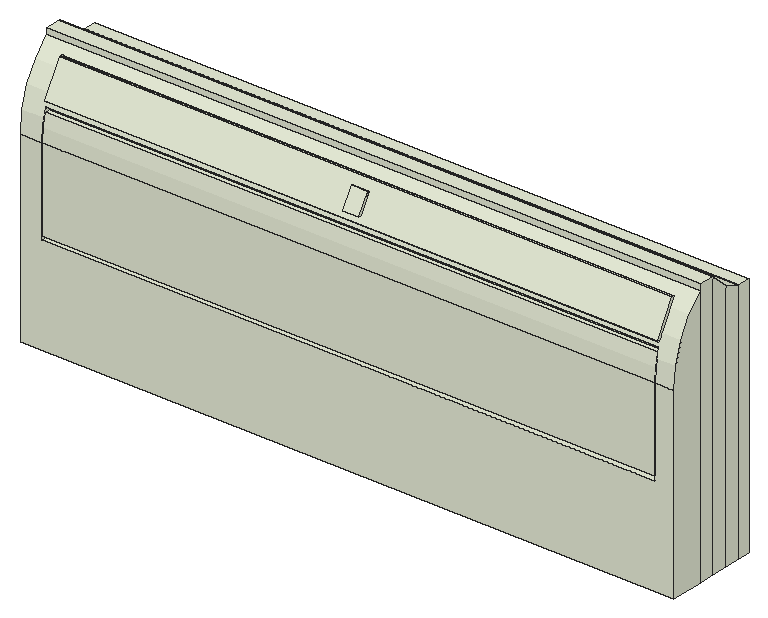
Revit family "10.0kW-14.0kW", category Mechanical Equipment, Revit 2013
Parameters (values of type "14.0kW")
  drain pipe radius = 0.5 * drain pipe  # 12.500 mm
  drain pipe = 25.000 mm
  Width = 1649.000 mm
  URL = ""
  Series = "VRF"
  Power supply = "1-phase, 220-240V, 50Hz"
  Panel color = "S1004"
  Net Weight = 36.40 kg
  Machine material = Galvanized Steel
  MFA (Maximum Fuse Amps) = 15 A
  MCA (Minimum Circuit Amps) = 1.25 A
  Liquid pipe radius = 0.5 * Liquid pipe  # 4.760 mm
  Liquid pipe = 9.520 mm
  Installation = "Indoor installation"
  Height = 234.000 mm
  Heating Power Input = 140 W
  Heating Capacity = 16 kW
  Gas pipe radius = 0.5 * Gas pipe  # 7.950 mm
  Gas pipe = 15.900 mm
  Gas = "R32/R410A"
  Description = "High efficiency air cooled"
  Depth = 674.000 mm
  Cooling Power Input = 140 W
  Cooling Capacity = 14 kW
  Condensation = "Air"
  Air  Flow = "2206/2070/1937/1810/1677/1516/1402 m3/h"
Types (5, lengths in mm): name | MCA (Minimum Circuit Amps) | Heating Power Input | Heating Capacity | Cooling Power Input | Cooling Capacity | Air  Flow
  (no name) | 1.25 A | 140 W | 16 kW | 140 W | 14 kW | "2206/2070/1937/1810/1677/1516/1402 m3/h"
  10.0kW | 0.63 A | 50 W | 11.2 kW | 50 W | 10 kW | "1497/1469/1296/1200/1104/1015/918 m3/h"
  11.2kW | 0.75 A | 65 W | 12.5 kW | 65 W | 11.2 kW | "1648/1530/1469/1292/1178/1067/956 m3/h"
  12.5kW | 1 A | 95 W | 14 kW | 95 W | 12.5 kW | "2012/1879/1772/1649/1531/1469/1285 m3/h"
  14.0kW | 1.25 A | 140 W | 16 kW | 140 W | 14 kW | "2206/2070/1937/1810/1677/1516/1402 m3/h"
Reference planes
  plane 1 "中心(前/后)": y = 0
  plane 2: z = 0
  plane 3 "中心(左/右)": x = 0
  plane 4: z = 575.645
  plane 5: z = 280
  plane 6: x = -1154
  plane 7: y = 31
  plane 8: x = 495
  plane 9: x = -329.5
Forms (mm)
  Extrusion 1, solid, material "Galvanized Steel" <- "Machine material", detail levels medium+fine
    sketch origin (0, 0, 0) x (0, 1, 0) y (0, 0, 1)
      loop
        line (-80, 704) -> (-120, 704) -> (-120, 30) -> (-80, 30) -> (-80, 704)
    from 495 to -1154
  Extrusion 2, solid, material "Galvanized Steel" <- "Machine material", detail levels medium+fine
    sketch origin (0, 0, 0) x (0, 1, 0) y (0, 0, 1)
      loop
        line (-80, 704) -> (-80, 30) -> (-40, 30) -> (-40, 664) -> (-80, 704)
    from 495 to -1154
  Extrusion 3, solid, material "Galvanized Steel" <- "Machine material", detail levels medium+fine
    sketch origin (0, 0, 0) x (0, 1, 0) y (0, 0, 1)
      loop
        line (0, 626.906) -> (0, 649.441) -> (-40, 664) -> (-40, 30) -> (0, 30) -> (0, 626.906)
    from 495 to -1154
  Extrusion 4, solid, material "Galvanized Steel" <- "Machine material", detail levels medium+fine
    sketch origin (0, 0, 0) x (0, 1, 0) y (0, 0, 1)
      loop
        line (-120, 30) -> (-120, 690)
        arc (-120, 690) -> (-181.345, 603.669) -> (-203, 500) r 258.97
        line (-203, 500) -> (-203, 30) -> (-120, 30)
    from 495 to -1154
  Extrusion 5, void
    sketch origin (0, 0, 0) x (0, 1, 0) y (0, 0, 1)
      loop
        line (-188.653, 585) -> (-178.041, 585)
        arc (-178.041, 585) -> (-156.282, 630.135) -> (-125.926, 670) r 248.97
        line (-125.926, 670) -> (-139.39, 670)
        arc (-139.39, 670) -> (-168.089, 629.857) -> (-188.653, 585) r 258.97
    from 446.258 to -1099.5
  Extrusion 6, void
    sketch origin (0, 0, 0) x (1, 0, 0) y (0, 1, 0)
      loop
        line (-1119.5, -30) -> (-1119.5, -130) -> (-1019.5, -130) -> (-1019.5, -30) -> (-1119.5, -30)
    from 45 to 30
  Extrusion 7, void
    sketch origin (0, 0, 0) x (0, 1, 0) y (0, 0, 1)
      loop
        line (-15, 45) -> (-15, 415.429) -> (-188, 415.429) -> (-188, 45) -> (-15, 45)
    from 477.847 to -480
  Extrusion 8, solid, detail levels medium+fine
    sketch origin (0, 0, 0) x (1, 0, 0) y (0, 1, 0)
      loop
        circle (-1114, -63.5) r 4.765
    from 415.429 to 128
  Extrusion 9, solid, detail levels medium+fine
    sketch origin (0, 0, 0) x (1, 0, 0) y (0, 1, 0)
      loop
        circle (-1099.5, -96.5) r 7.95
    from 415.429 to 163.5
  Extrusion 10, void
    sketch origin (0, 0, 55) x (1, 0, 0) y (0, 0, 1)
      loop
        line (-1019.5, 115) -> (-1119.5, 115) -> (-1119.5, 15) -> (-1019.5, 15) -> (-1019.5, 115)
    from 15 to 0
  Extrusion 11, solid, detail levels medium+fine
    sketch origin (0, 0, 0) x (1, 0, 0) y (0, 1, 0)
      loop
        circle (-1052.436, -63.5) r 12.5
    from 415.429 to 163.5
  Extrusion 12, void
    sketch origin (0, 0, 0) x (0, 1, 0) y (0, 0, 1)
      loop
        arc (-191.706, 575.645) -> (-200.161, 538.242) -> (-203, 500) r 258.97
        line (-203, 500) -> (-203, 280) -> (-188, 280) -> (-188, 415.429) -> (-179.603, 575.645) -> (-191.706, 575.645)
    from 446.258 to -1099.5
  Extrusion 13, solid, material "Galvanized Steel" <- "Machine material", detail levels medium+fine
    sketch origin (0, 0, 0) x (0, 1, 0) y (0, 0, 1)
      loop
        line (-188, 415.429) -> (-180.127, 565.659) -> (-194.538, 565.659)
        arc (-194.538, 565.659) -> (-200.876, 533.101) -> (-203, 500) r 258.97
        line (-203, 500) -> (-203, 290) -> (-188, 290) -> (-188, 415.429)
    from 446.258 to -1099.5
  Extrusion 14, solid, material "Galvanized Steel" <- "Machine material", detail levels fine
    sketch origin (-635.188, 0, 0) x (0, 1, 0) y (0, 0, 1)
      loop
        line (-163.805, 650) -> (-190.459, 604.011) -> (-172.329, 604.011) -> (-145.675, 650) -> (-163.805, 650)
    from 325.688 to 285.688
  Extrusion 15, solid, material "Galvanized Steel" <- "Machine material", detail levels fine
    sketch origin (-26.887, 0, 0) x (0, 1, 0) y (0, 0, -1)
      loop
        line (-148.104, -670) -> (-142.262, -670) -> (-188.048, -591) -> (-193.89, -591) -> (-148.104, -670)
    from 1072.613 to -473.145
  Extrusion 16, solid, material "Galvanized Steel" <- "Machine material", detail levels medium+fine
    sketch origin (0, 111, 0) x (0, 1, 0) y (0, 0, 1)
      loop
        line (-80, 650) -> (-111, 650) -> (-111, 30) -> (-80, 30) -> (-80, 650)
    from 495 to -1154
Cuts and joins
  Extrusion 5, Extrusion 6, Extrusion 7, Extrusion 10, Extrusion 12 cuts Extrusion 4
  Extrusion 6, Extrusion 7 cuts Extrusion 1
  Extrusion 6, Extrusion 7 cuts Extrusion 2
  Extrusion 6, Extrusion 7, Extrusion 10 cuts Extrusion 3
  Extrusion 10 cuts Extrusion 8
Lines and regions (mm)
  model lines
    curve 1: line (-1154, -120, 690) -> (495, -120, 690)
    curve 2: line (-1154, -80, 690) -> (495, -80, 690)
    curve 3: line (-1154, -40, 650) -> (495, -40, 650)
    curve 4: line (-1154, -203, 30) -> (-1154, 0, 30)
    curve 5: line (-1154, -203, 30) -> (495, -203, 30)
    curve 6: line (495, 0, 30) -> (-1154, 0, 30)
    curve 7: line (-1154, -203, 30) -> (-1154, 0, 30)
    curve 29: line (495, -203, 30) -> (495, -203, 500)
    curve 30: arc (495, -203, 500) -> (495, -176.816, 613.473) -> (495, -103.559, 704) r 258.97
    curve 31: line (495, 31, 638.158) -> (495, 31, 30)
    curve 32: line (495, 0, 649.441) -> (495, -40, 664)
    curve 33: line (495, -40, 664) -> (495, -80, 704)
    curve 35: line (495, -203, 30) -> (495, 31, 30)
    curve 36: line (495, 0, 626.906) -> (-1154, 0, 626.906)
    curve 37: line (-1154, -80, 704) -> (-1154, -120, 704)
    curve 38: arc (-1154, -120, 704) -> (-1154, -181.345, 617.669) -> (-1154, -203, 514) r 258.97
    curve 39: line (-1154, -203, 514) -> (-1154, -203, 30)
    curve 40: line (-1154, -203, 30) -> (-1154, -120, 30)
    curve 41: line (-1154, -120, 30) -> (-1154, -80, 30)
    curve 42: line (-1154, -80, 30) -> (-1154, -40, 30)
    curve 43: line (-1154, -40, 30) -> (-1154, 0, 30)
    curve 44: line (-1154, 0, 30) -> (-1154, 31, 30)
    curve 45: line (-1154, 31, 30) -> (-1154, 31, 649.441)
    curve 46: line (-1154, 31, 649.441) -> (-1154, 0, 649.441)
    curve 47: line (-1154, 0, 649.441) -> (-1154, -40, 664)
    curve 48: line (-1154, -40, 664) -> (-1154, -80, 704)
  model lines, detail levels fine
    curve 8: line (-1154, -203, 270) -> (495, -203, 270)
    curve 9: line (495, -203, 70) -> (-1154, -203, 70)
    curve 10: line (-1154, -203, 260) -> (495, -203, 260)
    curve 11: line (-1154, -203, 250) -> (495, -203, 250)
    curve 12: line (-1154, -203, 240) -> (495, -203, 240)
    curve 13: line (-1154, -203, 230) -> (495, -203, 230)
    curve 14: line (-1154, -203, 220) -> (495, -203, 220)
    curve 15: line (-1154, -203, 210) -> (495, -203, 210)
    curve 16: line (-1154, -203, 201.34) -> (495, -203, 201.34)
    curve 17: line (-1154, -203, 191.34) -> (495, -203, 191.34)
    curve 18: line (-1154, -203, 181.34) -> (495, -203, 181.34)
    curve 19: line (-1154, -203, 171.34) -> (495, -203, 171.34)
    curve 20: line (-1154, -203, 161.34) -> (495, -203, 161.34)
    curve 21: line (-1154, -203, 151.34) -> (495, -203, 151.34)
    curve 22: line (-1154, -203, 141.34) -> (495, -203, 141.34)
    curve 23: line (-1154, -203, 131.34) -> (495, -203, 131.34)
    curve 24: line (-1154, -203, 121.34) -> (495, -203, 121.34)
    curve 25: line (-1154, -203, 111.34) -> (495, -203, 111.34)
    curve 26: line (-1154, -203, 101.34) -> (495, -203, 101.34)
    curve 27: line (-1154, -203, 91.34) -> (495, -203, 91.34)
    curve 28: line (-1154, -203, 81.34) -> (495, -203, 81.34)
  model lines, detail levels coarse
    curve 34: line (495, -94, 704) -> (495, -103.559, 704)
Dimensions and locks
  cut or joined group of Extrusion 2, Extrusion 6, Extrusion 7 to Extrusion 11 = 133.500 mm
  cut or joined group of Extrusion 1, Extrusion 6, Extrusion 7 to cut or joined group of Extrusion 8, Extrusion 10 = 98.000 mm
  "Depth": cut or joined group of Extrusion 4, Extrusion 5, Extrusion 6, Extrusion 7, Extrusion 10, Extrusion 12 to cut or joined group of Extrusion 1, Extrusion 6, Extrusion 7
  cut or joined group of Extrusion 4, Extrusion 5, Extrusion 6, Extrusion 7, Extrusion 10, Extrusion 12 to Extrusion 16 = 234.000 mm
  "Width": cut or joined group of Extrusion 4, Extrusion 5, Extrusion 6, Extrusion 7, Extrusion 10, Extrusion 12 to cut or joined group of Extrusion 4, Extrusion 5, Extrusion 6, Extrusion 7, Extrusion 10, Extrusion 12
  aligned and locked: level to plane 2
Automatic sketch dimensions
  plane 1 "中心(前/后)" to Extrusion 1 sketch curve = 120.000 mm
  level to Extrusion 1 sketch curve = 30.000 mm
  Extrusion 1 sketch curve to Extrusion 1 sketch curve = 40.000 mm
  Extrusion 1 sketch curve to Extrusion 1 sketch curve = 674.000 mm
  plane 1 "中心(前/后)" to Extrusion 2 sketch curve = 80.000 mm
  level to Extrusion 2 sketch curve = 30.000 mm
  Extrusion 2 sketch curve to Extrusion 2 sketch curve = 40.000 mm  (x2)
  Extrusion 2 sketch curve to Extrusion 2 sketch curve = 634.000 mm
  Extrusion 3 sketch curve to plane 1 "中心(前/后)" = 0.000 mm
  level to Extrusion 3 sketch curve = 30.000 mm
  plane 1 "中心(前/后)" to Extrusion 3 sketch curve = 40.000 mm
  Extrusion 3 sketch curve to Extrusion 3 sketch curve = 596.906 mm
  Extrusion 3 sketch curve to Extrusion 3 sketch curve = 22.535 mm
  Extrusion 3 sketch curve to Extrusion 3 sketch curve = 14.559 mm
  plane 1 "中心(前/后)" to Extrusion 4 sketch curve = 203.000 mm
  level to Extrusion 4 sketch curve = 30.000 mm
  Extrusion 4 sketch curve to Extrusion 4 sketch curve = 83.000 mm
  plane 7 to Extrusion 4 sketch curve = 24.970 mm
  Extrusion 4 sketch curve to Extrusion 4 sketch curve = 470.000 mm
  Extrusion 5 sketch curve to Extrusion 5 sketch curve = 0.000 mm  (x2)
  plane 1 "中心(前/后)" to Extrusion 5 sketch curve = 188.653 mm
  level to Extrusion 5 sketch curve = 585.000 mm
  Extrusion 5 sketch curve to Extrusion 5 sketch curve = 10.612 mm
  Extrusion 5 sketch curve to Extrusion 5 sketch curve = 38.651 mm
  Extrusion 5 sketch curve to Extrusion 5 sketch curve = 13.464 mm
  Extrusion 5 sketch curve to Extrusion 5 sketch curve = 85.000 mm
  plane 6 to Extrusion 6 sketch curve = 34.500 mm
  plane 1 "中心(前/后)" to Extrusion 6 sketch curve = 130.000 mm
  Extrusion 6 sketch curve to Extrusion 6 sketch curve = 100.000 mm
  plane 1 "中心(前/后)" to Extrusion 6 sketch curve = 30.000 mm
  level to Extrusion 7 sketch curve = 45.000 mm
  plane 1 "中心(前/后)" to Extrusion 7 sketch curve = 188.000 mm
  plane 1 "中心(前/后)" to Extrusion 7 sketch curve = 15.000 mm
  level to Extrusion 7 sketch curve = 415.429 mm
  plane 6 to Extrusion 8 sketch curve = 40.000 mm
  plane 1 "中心(前/后)" to Extrusion 8 sketch curve = 63.500 mm
  plane 6 to Extrusion 9 sketch curve = 54.500 mm
  plane 1 "中心(前/后)" to Extrusion 9 sketch curve = 96.500 mm
  plane 6 to Extrusion 10 sketch curve = 34.500 mm
  level to Extrusion 10 sketch curve = 70.000 mm
  Extrusion 10 sketch curve to Extrusion 10 sketch curve = 100.000 mm  (x2)
  plane 6 to Extrusion 11 sketch curve = 101.564 mm
  plane 1 "中心(前/后)" to Extrusion 11 sketch curve = 63.500 mm
  Extrusion 12 sketch curve to plane 5 = 0.000 mm
  Extrusion 12 sketch curve to plane 4 = 0.000 mm
  plane 1 "中心(前/后)" to Extrusion 12 sketch curve = 203.000 mm
  plane 5 to Extrusion 12 sketch curve = 135.429 mm
  Extrusion 12 sketch curve to Extrusion 12 sketch curve = 11.294 mm
  Extrusion 12 sketch curve to Extrusion 12 sketch curve = 15.000 mm
  Extrusion 12 sketch curve to Extrusion 12 sketch curve = 12.102 mm
  plane 7 to Extrusion 12 sketch curve = 24.970 mm
  plane 1 "中心(前/后)" to Extrusion 13 sketch curve = 203.000 mm
  level to Extrusion 13 sketch curve = 290.000 mm
  Extrusion 13 sketch curve to Extrusion 13 sketch curve = 8.462 mm
  Extrusion 13 sketch curve to Extrusion 13 sketch curve = 15.000 mm
  Extrusion 13 sketch curve to Extrusion 13 sketch curve = 14.411 mm
  plane 7 to Extrusion 13 sketch curve = 24.970 mm
  Extrusion 13 sketch curve to Extrusion 13 sketch curve = 125.429 mm
  Extrusion 13 sketch curve to Extrusion 13 sketch curve = 84.571 mm
  curve 1 to plane 6 = 0.000 mm
  level to curve 1 = 690.000 mm
  plane 3 "中心(左/右)" to curve 1 = 495.000 mm
  curve 2 to plane 6 = 0.000 mm
  level to curve 2 = 690.000 mm
  plane 3 "中心(左/右)" to curve 2 = 495.000 mm
  curve 3 to plane 6 = 0.000 mm
  level to curve 3 = 650.000 mm
  plane 3 "中心(左/右)" to curve 3 = 495.000 mm
  curve 4 to plane 1 "中心(前/后)" = 0.000 mm
  level to curve 4 = 30.000 mm
  curve 4 to curve 4 = 203.000 mm
  plane 6 to curve 9 = 0.000 mm
  plane 6 to curve 28 = 0.000 mm
  plane 6 to curve 27 = 0.000 mm
  plane 6 to curve 26 = 0.000 mm
  plane 6 to curve 25 = 0.000 mm
  plane 6 to curve 24 = 0.000 mm
  plane 6 to curve 23 = 0.000 mm
  plane 6 to curve 22 = 0.000 mm
  plane 6 to curve 21 = 0.000 mm
  plane 6 to curve 20 = 0.000 mm
  plane 6 to curve 19 = 0.000 mm
  plane 6 to curve 18 = 0.000 mm
  plane 6 to curve 17 = 0.000 mm
  plane 6 to curve 16 = 0.000 mm
  plane 6 to curve 15 = 0.000 mm
  plane 6 to curve 14 = 0.000 mm
  plane 6 to curve 13 = 0.000 mm
  plane 6 to curve 12 = 0.000 mm
  plane 6 to curve 11 = 0.000 mm
  plane 6 to curve 10 = 0.000 mm
  plane 6 to curve 8 = 0.000 mm
  level to curve 9 = 70.000 mm
  curve 9 to curve 28 = 11.340 mm
  curve 28 to curve 27 = 10.000 mm
  curve 27 to curve 26 = 10.000 mm
  curve 26 to curve 25 = 10.000 mm
  curve 25 to curve 24 = 10.000 mm
  curve 24 to curve 23 = 10.000 mm
  curve 23 to curve 22 = 10.000 mm
  curve 22 to curve 21 = 10.000 mm
  curve 21 to curve 20 = 10.000 mm
  curve 20 to curve 19 = 10.000 mm
  curve 19 to curve 18 = 10.000 mm
  curve 18 to curve 17 = 10.000 mm
  curve 17 to curve 16 = 10.000 mm
  curve 16 to curve 15 = 8.660 mm
  curve 15 to curve 14 = 10.000 mm
  curve 14 to curve 13 = 10.000 mm
  curve 13 to curve 12 = 10.000 mm
  curve 12 to curve 11 = 10.000 mm
  curve 11 to curve 10 = 10.000 mm
  curve 10 to curve 8 = 10.000 mm
  plane 3 "中心(左/右)" to curve 18 = 495.000 mm
  curve 18 to curve 16 = 0.000 mm
  curve 19 to curve 18 = 0.000 mm
  curve 16 to curve 15 = 0.000 mm
  curve 20 to curve 19 = 0.000 mm
  curve 15 to curve 14 = 0.000 mm
  curve 21 to curve 20 = 0.000 mm
  curve 14 to curve 13 = 0.000 mm
  curve 22 to curve 21 = 0.000 mm
  curve 13 to curve 12 = 0.000 mm
  curve 23 to curve 22 = 0.000 mm
  curve 12 to curve 11 = 0.000 mm
  curve 24 to curve 23 = 0.000 mm
  curve 11 to curve 10 = 0.000 mm
  curve 25 to curve 24 = 0.000 mm
  curve 9 to curve 25 = 0.000 mm
  curve 26 to curve 25 = 0.000 mm
  curve 10 to curve 8 = 0.000 mm
  curve 27 to curve 26 = 0.000 mm
  curve 17 to curve 16 = 0.000 mm
  curve 28 to curve 27 = 0.000 mm
  plane 1 "中心(前/后)" to Extrusion 14 sketch curve = 190.459 mm
  level to Extrusion 14 sketch curve = 604.011 mm
  Extrusion 14 sketch curve to Extrusion 14 sketch curve = 18.130 mm  (x2)
  Extrusion 14 sketch curve to Extrusion 14 sketch curve = 8.524 mm
  Extrusion 14 sketch curve to Extrusion 14 sketch curve = 45.989 mm
  plane 1 "中心(前/后)" to Extrusion 15 sketch curve = 193.890 mm
  plane 1 "中心(前/后)" to Extrusion 15 sketch curve = 148.104 mm
  level to Extrusion 15 sketch curve = 670.000 mm
  Extrusion 15 sketch curve to Extrusion 15 sketch curve = 5.843 mm  (x2)
  Extrusion 15 sketch curve to Extrusion 15 sketch curve = 79.000 mm
  plane 1 "中心(前/后)" to curve 36 = 0.000 mm
  curve 36 to plane 6 = 0.000 mm
  plane 3 "中心(左/右)" to curve 36 = 495.000 mm
  Extrusion 16 sketch curve to plane 7 = 0.000 mm
  level to Extrusion 16 sketch curve = 30.000 mm
  plane 1 "中心(前/后)" to Extrusion 16 sketch curve = 0.000 mm
  Extrusion 16 sketch curve to Extrusion 16 sketch curve = 620.000 mm
  curve 37 to Extrusion 1 = 0.000 mm  (x3)
  curve 38 to Extrusion 1 = 83.000 mm
  curve 38 to Extrusion 1 = 135.970 mm
  curve 39 to Extrusion 1 = 0.000 mm
  curve 40 to Extrusion 1 = 0.000 mm
  curve 41 to Extrusion 1 = 0.000 mm
  curve 42 to curve 42 = 40.000 mm
  curve 43 to curve 43 = 40.000 mm
  curve 44 to curve 44 = 31.000 mm
  Extrusion 1 to curve 45 = 54.559 mm
  curve 46 to curve 45 = 31.000 mm
  curve 47 to Extrusion 1 = 40.000 mm
  Extrusion 1 to curve 47 = 40.000 mm
  plane 1 "中心(前/后)" to curve 6 = 0.000 mm
  curve 6 to plane 6 = 0.000 mm
  plane 1 "中心(前/后)" to curve 35 = 203.000 mm
  curve 6 to plane 8 = 0.000 mm
  curve 35 to plane 7 = 0.000 mm
  plane 1 "中心(前/后)" to curve 29 = 203.000 mm
  plane 1 "中心(前/后)" to curve 34 = 103.559 mm
  level to curve 34 = 704.000 mm
  curve 32 to plane 1 "中心(前/后)" = 0.000 mm
  curve 31 to plane 7 = 0.000 mm
  plane 1 "中心(前/后)" to curve 32 = 40.000 mm
  curve 34 to curve 34 = 9.559 mm
  curve 34 to curve 33 = 14.000 mm
  plane 7 to curve 30 = 24.970 mm
  curve 34 to curve 32 = 40.000 mm
  curve 33 to curve 34 = 0.000 mm
  curve 32 to curve 32 = 14.559 mm
  curve 32 to curve 31 = 11.283 mm
  level to curve 31 = 30.000 mm
  level to curve 29 = 30.000 mm
  radius of Extrusion 8 sketch curve = 4.765 mm
  radius of Extrusion 9 sketch curve = 7.950 mm
  radius of Extrusion 11 sketch curve = 12.500 mm
Connectors
  piping at (-1052.436, -63.5, 163.5), driven by "drain pipe radius"
    settings: on Extrusion 11, index 5, connector radius 12.5 mm, flow factor 0, pipe flow 0.0 m³/h, pressure drop 0.0 Pa, fitting loss kfactor 0, connector angle 0.00°, fixture units 0, engagement length 0.000 mm, flow configuration 1, flow direction 2, fitting loss method 0, system type 29, joint type 0, gender type 0, connector reference index -1, connector utility 0, adjustable connector no, is connector primary yes, fitting loss table "", connector description "Drain pipe"
  piping at (-1099.5, -96.5, 163.5), driven by "Gas pipe radius"
    settings: on Extrusion 9, index 6, connector radius 7.95 mm, flow factor 0, pipe flow 0.0 m³/h, pressure drop 0.0 Pa, fitting loss kfactor 0, connector angle 0.00°, fixture units 0, engagement length 0.000 mm, flow configuration 1, flow direction 0, fitting loss method 4, system type 22, joint type 0, gender type 0, connector reference index -1, connector utility 0, adjustable connector no, is connector primary no, fitting loss table "", connector description "Gas pipe"
  piping at (-1114, -63.5, 128), driven by "Liquid pipe radius"
    settings: on cut or joined group of Extrusion 8, Extrusion 10, index 7, connector radius 4.76 mm, flow factor 0, pipe flow 0.0 m³/h, pressure drop 0.0 Pa, fitting loss kfactor 0, connector angle 0.00°, fixture units 0, engagement length 0.000 mm, flow configuration 1, flow direction 0, fitting loss method 4, system type 22, joint type 0, gender type 0, connector reference index -1, connector utility 0, adjustable connector no, is connector primary no, fitting loss table "", connector description "Liquid pipe"
  electrical at (495, -100, 367)
    settings: on cut or joined group of Extrusion 1, Extrusion 6, Extrusion 7, index 8, voltage 220 V, apparent load 0 VA, apparent load phase1 0 VA, apparent load phase2 0 VA, apparent load phase3 0 VA, power factor 1, load classification "Other", number of poles 1, system type 30, power factor state 1, is connector primary yes, connector utility no, sub classification motor no, connector description ""
